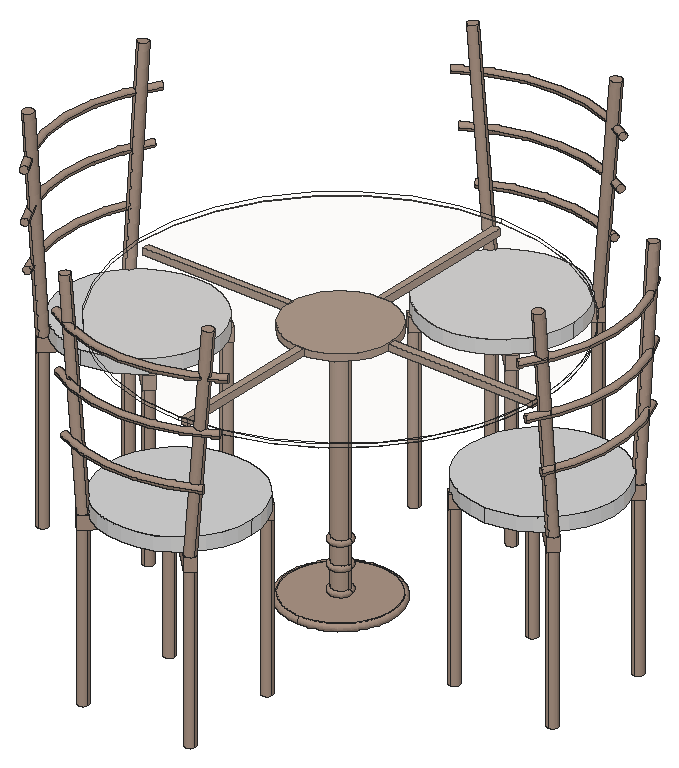
Revit family
Reference planes
  plane 1 "Center (Front/Back)": y = 0
  plane 2: z = 0
  plane 3 "Center (Left/Right)": x = 0
Lines and regions (mm)
  Masking region 1
    outline origin (0, 0, 0) x (1, 0, 0) y (0, 1, 0)
      loop
        circle (0, 0) r 600
  Masking region 2
    outline origin (0, 0, 0) x (1, 0, 0) y (0, 1, 0)
      loop
        arc (211.519, -561.48) -> (109.778, -589.872) -> (4.635, -599.982) r 600
        arc (4.635, -599.982) -> (-105.218, -590.702) -> (-211.519, -561.48) r 600
        arc (-211.519, -561.48) -> (-189.614, -701.358) -> (-85.482, -797.286) r 215
        arc (-85.482, -797.286) -> (-173.204, -770.577) -> (-253.423, -726.151) r 437.043
        line (-253.423, -726.151) -> (-264.894, -742.534)
        arc (-264.894, -742.534) -> (-2.745, -825.189) -> (259.404, -742.534) r 457.043
        line (259.404, -742.534) -> (247.933, -726.151)
        arc (247.933, -726.151) -> (172.466, -768.531) -> (90.128, -795.207) r 437.043
        arc (90.128, -795.207) -> (190.801, -699.106) -> (211.519, -561.48) r 215
      loop
        arc (211.519, 561.48) -> (190.801, 699.106) -> (90.128, 795.207) r 215
        arc (90.128, 795.207) -> (172.466, 768.531) -> (247.933, 726.151) r 437.043
        line (247.933, 726.151) -> (259.404, 742.534)
        arc (259.404, 742.534) -> (-2.745, 825.189) -> (-264.894, 742.534) r 457.043
        line (-264.894, 742.534) -> (-253.423, 726.151)
        arc (-253.423, 726.151) -> (-173.204, 770.577) -> (-85.482, 797.286) r 437.043
        arc (-85.482, 797.286) -> (-189.614, 701.358) -> (-211.519, 561.48) r 215
        arc (-211.519, 561.48) -> (-105.218, 590.702) -> (4.635, 599.982) r 600
        arc (4.635, 599.982) -> (109.778, 589.872) -> (211.519, 561.48) r 600
      loop
        arc (561.48, 211.519) -> (589.872, 109.778) -> (599.982, 4.635) r 600
        arc (599.982, 4.635) -> (590.702, -105.218) -> (561.48, -211.519) r 600
        arc (561.48, -211.519) -> (701.358, -189.614) -> (797.286, -85.482) r 215
        arc (797.286, -85.482) -> (770.577, -173.204) -> (726.151, -253.423) r 437.043
        line (726.151, -253.423) -> (742.534, -264.894)
        arc (742.534, -264.894) -> (825.189, -2.745) -> (742.534, 259.404) r 457.043
        line (742.534, 259.404) -> (726.151, 247.933)
        arc (726.151, 247.933) -> (768.531, 172.466) -> (795.207, 90.128) r 437.043
        arc (795.207, 90.128) -> (699.106, 190.801) -> (561.48, 211.519) r 215
      loop
        arc (-561.48, 211.519) -> (-699.106, 190.801) -> (-795.207, 90.128) r 215
        arc (-795.207, 90.128) -> (-768.531, 172.466) -> (-726.151, 247.933) r 437.043
        line (-726.151, 247.933) -> (-742.534, 259.404)
        arc (-742.534, 259.404) -> (-825.189, -2.745) -> (-742.534, -264.894) r 457.043
        line (-742.534, -264.894) -> (-726.151, -253.423)
        arc (-726.151, -253.423) -> (-770.577, -173.204) -> (-797.286, -85.482) r 437.043
        arc (-797.286, -85.482) -> (-701.358, -189.614) -> (-561.48, -211.519) r 215
        arc (-561.48, -211.519) -> (-590.702, -105.218) -> (-599.982, 4.635) r 600
        arc (-599.982, 4.635) -> (-589.872, 109.778) -> (-561.48, 211.519) r 600
  symbolic lines
    curve 1: arc (0, 600, 0) -> (-600, 0, 0) -> (0, -600, 0) r 600
    curve 2: arc (0, -600, 0) -> (600, 0, 0) -> (0, 600, 0) r 600
    curve 3: arc (0, 150, 0) -> (-150, 0, 0) -> (0, -150, 0) r 150
    curve 4: arc (0, -150, 0) -> (150, 0, 0) -> (0, 150, 0) r 150
    curve 5: arc (-24.87, 0, 0) -> (0, -24.87, 0) -> (24.87, 0, 0) r 24.87
    curve 6: arc (24.87, 0, 0) -> (0, 24.87, 0) -> (-24.87, 0, 0) r 24.87
    curve 7: arc (211.519, 561.48, 0) -> (192.431, 695.903, 0) -> (96.603, 792.085, 0) r 215
    curve 8: arc (-264.894, 742.534, 0) -> (-2.745, 825.189, 0) -> (259.404, 742.534, 0) r 457.043
    curve 9: arc (247.933, 726.151, 0) -> (-2.745, 805.189, 0) -> (-253.423, 726.151, 0) r 437.043
    curve 10: line (259.404, 742.534, 0) -> (247.933, 726.151, 0)
    curve 11: line (-264.894, 742.534, 0) -> (-253.423, 726.151, 0)
    curve 12: arc (-93.78, 793.479, 0) -> (-191.723, 697.31, 0) -> (-211.519, 561.48, 0) r 215
    curve 13: arc (211.519, -561.48, 0) -> (192.431, -695.903, 0) -> (96.603, -792.085, 0) r 215
    curve 14: arc (-264.894, -742.534, 0) -> (-2.745, -825.189, 0) -> (259.404, -742.534, 0) r 457.043
    curve 15: arc (247.933, -726.151, 0) -> (-2.745, -805.189, 0) -> (-253.423, -726.151, 0) r 437.043
    curve 16: line (259.404, -742.534, 0) -> (247.933, -726.151, 0)
    curve 17: line (-264.894, -742.534, 0) -> (-253.423, -726.151, 0)
    curve 18: arc (-93.78, -793.479, 0) -> (-191.723, -697.31, 0) -> (-211.519, -561.48, 0) r 215
    curve 19: arc (-560.438, 214.264, 0) -> (-694.861, 195.176, 0) -> (-791.044, 99.348, 0) r 215
    curve 20: arc (-741.492, -262.149, 0) -> (-824.147, 0, 0) -> (-741.492, 262.149, 0) r 457.043
    curve 21: arc (-725.109, 250.678, 0) -> (-804.147, 0, 0) -> (-725.109, -250.678, 0) r 437.043
    curve 22: line (-741.492, 262.149, 0) -> (-725.109, 250.678, 0)
    curve 23: line (-741.492, -262.149, 0) -> (-725.109, -250.678, 0)
    curve 24: arc (-792.438, -91.035, 0) -> (-696.268, -188.978, 0) -> (-560.438, -208.774, 0) r 215
    curve 25: arc (560.438, 214.264, 0) -> (694.861, 195.176, 0) -> (791.044, 99.348, 0) r 215
    curve 26: arc (741.492, -262.149, 0) -> (824.147, 0, 0) -> (741.492, 262.149, 0) r 457.043
    curve 27: arc (725.109, 250.678, 0) -> (804.147, 0, 0) -> (725.109, -250.678, 0) r 437.043
    curve 28: line (741.492, 262.149, 0) -> (725.109, 250.678, 0)
    curve 29: line (741.492, -262.149, 0) -> (725.109, -250.678, 0)
    curve 30: arc (792.438, -91.035, 0) -> (696.268, -188.978, 0) -> (560.438, -208.774, 0) r 215
    curve 31: arc (0, -150, 0) -> (150, 0, 0) -> (0, 150, 0) r 150
    curve 32: arc (0, 150, 0) -> (-150, 0, 0) -> (0, -150, 0) r 150
Dimensions and locks
  aligned and locked: nested 1 to nested 4
  aligned and locked: plane 3 "Center (Left/Right)" to nested 2
  aligned and locked: nested 1 to nested 2
  aligned and locked: plane 1 "Center (Front/Back)" to nested 5
  aligned and locked: nested 1 to nested 5
  aligned and locked: nested 3 to plane 3 "Center (Left/Right)"
  aligned and locked: nested 1 to nested 3
  aligned and locked: curve 1 to nested 1
  aligned and locked: curve 2 to nested 1
  aligned and locked: curve 3 to nested 1
  aligned and locked: curve 4 to nested 1
  aligned and locked: curve 5 to nested 1
  aligned and locked: curve 6 to nested 1
  aligned and locked: curve 7 to nested 2
  aligned and locked: curve 8 to nested 2
  aligned and locked: curve 9 to nested 2
  aligned and locked: curve 10 to nested 2
  aligned and locked: curve 11 to nested 2
  aligned and locked: curve 13 to nested 3
  aligned and locked: curve 14 to nested 3
  aligned and locked: curve 15 to nested 3
  aligned and locked: Masking region 1 sketch curve to nested 1  (x2)
  aligned and locked: Masking region 2 sketch curve to nested 3  (x5)
  aligned and locked: Masking region 2 sketch curve to nested 1  (x2)
  aligned and locked: curve 31 to nested 1
  aligned and locked: curve 32 to nested 1
Nested families
  nested 1: "M_Furn - Dining Table - Circular" at (0, 0, 0), type "1000 mm dia"
    with Diameter-Glass 1200 mm
  nested 2: "M_Furn - Chair 1" at (0, 600, 0), type "430 mm dia"
  nested 3: "M_Furn - Chair 1" at (0, -600, 0), type "430 mm dia"
  nested 4: "M_Furn - Chair 1" at (-600, 0, 0) x (0, 1, 0) z (0, 0, 1), type "430 mm dia"
  nested 5: "M_Furn - Chair 1" at (600, 0, 0) x (0, 1, 0) z (0, 0, 1), type "430 mm dia"
Definition of nested family "M_Furn - Dining Table - Circular"
  Parameters (values of type "1000 mm dia")
    Top Material = Glass - Top
    Base Material = Wood
    Height = 750 mm
    Diameter-Base = 300 mm
    Diameter-Glass = 1000 mm
  Reference planes
    plane 1 "Center (Front/Back)": y = 0
    plane 2: z = 0
    plane 3 "Center (Left/Right)": x = 0
    plane 4: x = -500
    plane 5: x = 500
    plane 6: y = 500
    plane 7: y = -500
    plane 8: z = 750
    plane 9: y = 150
    plane 10: y = -150
    plane 11: x = -150
    plane 12: x = 150
  Forms (mm)
    Extrusion 1, solid, material "Glass - Top" <- "Top Material"
      sketch origin (0, 0, 750) x (0, 1, 0) y (-1, 0, 0)
        loop
          circle (0, 0) r 500
      from 0 to -12
    Extrusion 2, solid, material "Wood" <- "Base Material"
      sketch origin (0, 0, 750) x (0, 1, 0) y (-1, 0, 0)
        loop
          circle (0, 0) r 150
      from -12 to -32
    Extrusion 3, solid, material "Wood" <- "Base Material"
      sketch origin (0, 0, 0) x (1, 0, 0) y (0, 1, 0)
        loop
          circle (0, 0) r 150
      from 0 to 20
    Extrusion 4, solid, material "Wood" <- "Base Material"
      sketch origin (0, 0, 0) x (1, 0, 0) y (0, 1, 0)
        loop
          circle (0, 0) r 24.87
      from 20 to 718
    Sweep 5, solid, material "Wood" <- "Base Material"
      path in 3D
        loop
          arc (0, 150, 20) -> (150, 0, 20) -> (0, -150, 20) r 150
          arc (0, -150, 20) -> (-150, 0, 20) -> (0, 150, 20) r 150
      profile origin (0, 0, 0) x (-1, 0, 0) y (0, 0, 1)
        loop
          line (150, 20) -> (150, 0)
          arc (150, 0) -> (160, 10) -> (150, 20) r 10
    Sweep 6, solid, material "Wood" <- "Base Material"
      path in 3D
        loop
          arc (24.87, 0, 718) -> (0, -24.87, 718) -> (-24.87, 0, 718) r 24.87
          arc (-24.87, 0, 718) -> (0, 24.87, 718) -> (24.87, 0, 718) r 24.87
      profile origin (0, 0, 0) x (0, 1, 0) y (0, 0, 1)
        loop
          line (24.87, 718) -> (24.87, 702.551)
          arc (24.87, 702.551) -> (32.594, 710.275) -> (24.87, 718) r 7.725
    Sweep 7, solid, material "Wood" <- "Base Material"
      path in 3D
        loop
          arc (24.87, 0, 718) -> (0, -24.87, 718) -> (-24.87, 0, 718) r 24.87
          arc (-24.87, 0, 718) -> (0, 24.87, 718) -> (24.87, 0, 718) r 24.87
      profile origin (0, 0, 0) x (0, 1, 0) y (0, 0, 1)
        loop
          arc (24.87, 20) -> (32.582, 27.713) -> (24.87, 35.425) r 7.713
          line (24.87, 35.425) -> (24.87, 20)
    Sweep 8, solid, material "Wood" <- "Base Material"
      path in 3D
        loop
          arc (-24.87, 0, 305.149) -> (0, 24.87, 305.149) -> (24.87, 0, 305.149) r 24.87
          arc (24.87, 0, 305.149) -> (0, -24.87, 305.149) -> (-24.87, 0, 305.149) r 24.87
      profile origin (0, 0, 0) x (0, -1, 0) y (0, 0, 1)
        loop
          line (24.859, 169.99) -> (24.859, 155)
          arc (24.859, 155) -> (32.354, 162.495) -> (24.859, 169.99) r 7.495
    Sweep 9, solid, material "Wood" <- "Base Material"
      path in 3D
        loop
          arc (-24.87, 0, 237.866) -> (0, 24.87, 237.866) -> (24.87, 0, 237.866) r 24.87
          arc (24.87, 0, 237.866) -> (0, -24.87, 237.866) -> (-24.87, 0, 237.866) r 24.87
      profile origin (0, 0, 0) x (0, -1, 0) y (0, 0, 1)
        loop
          line (24.859, 102.707) -> (24.859, 87.718)
          arc (24.859, 87.718) -> (32.354, 95.213) -> (24.859, 102.707) r 7.495
    Extrusion 10, solid, material "Wood" <- "Base Material"
      sketch origin (0, 0, 750) x (0, 1, 0) y (-1, 0, 0)
        loop
          line (478.939, 10) -> (149.687, 10)
          arc (149.687, 10) -> (150.014, 0) -> (149.687, -10) r 153.253
          line (149.687, -10) -> (478.939, -10)
          arc (478.939, -10) -> (480, 0) -> (478.939, 10) r 47.662
      from -12 to -32
    Extrusion 11, solid, material "Wood" <- "Base Material"
      sketch origin (0, 0, 750) x (0, -1, 0) y (1, 0, 0)
        loop
          arc (478.939, -10) -> (480, 0) -> (478.939, 10) r 47.662
          line (478.939, 10) -> (149.687, 10)
          arc (149.687, 10) -> (150.014, 0) -> (149.687, -10) r 153.253
          line (149.687, -10) -> (478.939, -10)
      from -12 to -32
    Extrusion 12, solid, material "Wood" <- "Base Material"
      sketch origin (0, 0, 750) x (0, 1, 0) y (-1, 0, 0)
        loop
          line (10, -479.456) -> (10, -148.524)
          arc (10, -148.524) -> (0, -148.943) -> (-10, -148.524) r 119.448
          line (-10, -148.524) -> (-10, -479.456)
          arc (-10, -479.456) -> (0, -480.308) -> (10, -479.456) r 59.12
      from -12 to -32
    Extrusion 13, solid, material "Wood" <- "Base Material"
      sketch origin (0, 0, 750) x (0, 1, 0) y (-1, 0, 0)
        loop
          arc (10, 479.456) -> (0, 480.308) -> (-10, 479.456) r 59.12
          line (-10, 479.456) -> (-10, 149.703)
          arc (-10, 149.703) -> (0, 150.123) -> (10, 149.703) r 119.448
          line (10, 149.703) -> (10, 479.456)
      from -12 to -32
  Lines and regions (mm)
    sketch lines
      curve 1: arc (0, -150, 20) -> (-150, 0, 20) -> (0, 150, 20) r 150
      curve 2: arc (0, 150, 20) -> (150, 0, 20) -> (0, -150, 20) r 150
      curve 3: arc (-24.87, 0, 718) -> (0, 24.87, 718) -> (24.87, 0, 718) r 24.87
      curve 4: arc (24.87, 0, 718) -> (0, -24.87, 718) -> (-24.87, 0, 718) r 24.87
      curve 5: arc (-24.87, 0, 718) -> (0, 24.87, 718) -> (24.87, 0, 718) r 24.87
      curve 6: arc (24.87, 0, 718) -> (0, -24.87, 718) -> (-24.87, 0, 718) r 24.87
      curve 7: arc (24.87, 0, 305.149) -> (0, -24.87, 305.149) -> (-24.87, 0, 305.149) r 24.87
      curve 8: arc (-24.87, 0, 305.149) -> (0, 24.87, 305.149) -> (24.87, 0, 305.149) r 24.87
      curve 9: arc (24.87, 0, 237.866) -> (0, -24.87, 237.866) -> (-24.87, 0, 237.866) r 24.87
      curve 10: arc (-24.87, 0, 237.866) -> (0, 24.87, 237.866) -> (24.87, 0, 237.866) r 24.87
    symbolic lines
      curve 11: arc (0, 500, 0) -> (-500, 0, 0) -> (0, -500, 0) r 500
      curve 12: arc (0, 500, 0) -> (-500, 0, 0) -> (0, -500, 0) r 500
      curve 13: arc (0, -500, 0) -> (500, 0, 0) -> (0, 500, 0) r 500
      curve 14: arc (0, 150, 0) -> (-150, 0, 0) -> (0, -150, 0) r 150
      curve 15: arc (0, -150, 0) -> (150, 0, 0) -> (0, 150, 0) r 150
  Dimensions and locks
    equal spacing: plane 4, plane 3 "Center (Left/Right)", plane 5
    "Diameter-Glass": plane 4 to plane 5
    equal spacing: plane 7, plane 1 "Center (Front/Back)", plane 6
    "Diameter-Glass": plane 7 to plane 6
    equal spacing: plane 9, plane 1 "Center (Front/Back)", plane 10
    "Diameter-Base": plane 9 to plane 10
    equal spacing: plane 11, plane 3 "Center (Left/Right)", plane 12
    "Diameter-Base": plane 11 to plane 12
    "Height": plane 8 to level
    aligned and locked: Extrusion 1 sketch curve to plane 6
    aligned and locked: Extrusion 1 sketch curve to plane 7
    aligned and locked: plane 3 "Center (Left/Right)" to Extrusion 2 sketch curve
    aligned and locked: Extrusion 2 sketch curve to plane 10
    aligned and locked: Extrusion 3 sketch curve to Extrusion 2
    aligned and locked: Extrusion 2 to Extrusion 1
    aligned and locked: Extrusion 4 to Extrusion 2
    aligned and locked: Extrusion 4 to Extrusion 3
    aligned and locked: Extrusion 3 to level
    aligned and locked: profile plane to Sweep 5 sketch curve
    aligned and locked: Extrusion 2 to Sweep 6 sketch curve
    aligned and locked: profile plane to Sweep 6 sketch curve
    aligned and locked: Sweep 7 sketch curve to Extrusion 4
    aligned and locked: Extrusion 10 sketch curve to Extrusion 10 sketch curve
    aligned and locked: Extrusion 11 sketch curve to Extrusion 11 sketch curve
    aligned and locked: Extrusion 13 to Extrusion 1
    aligned and locked: Extrusion 12 to Extrusion 1
    aligned and locked: Extrusion 12 to Extrusion 2
    aligned and locked: Extrusion 2 to Extrusion 13
    aligned and locked: Extrusion 10 to Extrusion 2
    aligned and locked: Extrusion 10 to Extrusion 1
    aligned and locked: Extrusion 2 to Extrusion 11
    aligned and locked: Extrusion 11 to Extrusion 1
    aligned and locked: curve 11 to Extrusion 1
  Automatic sketch dimensions
    Extrusion 1 sketch curve to plane 3 "Center (Left/Right)" = 0 mm
    Extrusion 2 sketch curve to plane 1 "Center (Front/Back)" = 0 mm
    Extrusion 4 sketch curve to plane 1 "Center (Front/Back)" = 0 mm
    Extrusion 4 sketch curve to plane 3 "Center (Left/Right)" = 0 mm
    Sweep 5 sketch curve to Sweep 5 sketch curve = 10 mm
    Sweep 6 sketch curve to Sweep 6 sketch curve = 7.725 mm
    Sweep 7 sketch curve to profile plane = 0 mm
    Sweep 7 sketch curve to Sweep 7 sketch curve = 7.713 mm
    profile plane to Sweep 8 sketch curve = 0.01 mm
    Sweep 8 sketch curve to Sweep 8 sketch curve = 7.495 mm
    profile plane to Sweep 9 sketch curve = 0.01 mm
    Sweep 9 sketch curve to Sweep 9 sketch curve = 7.495 mm
    Extrusion 10 sketch curve to plane 3 "Center (Left/Right)" = 0 mm
    plane 1 "Center (Front/Back)" to Extrusion 10 sketch curve = 3.239 mm
    Extrusion 10 sketch curve to plane 9 = 0.313 mm
    plane 6 to Extrusion 10 sketch curve = 21.061 mm
    plane 3 "Center (Left/Right)" to Extrusion 10 sketch curve = 10 mm
    Extrusion 10 sketch curve to Extrusion 10 sketch curve = 0 mm
    Extrusion 10 sketch curve to Extrusion 10 sketch curve = 46.602 mm
    Extrusion 11 sketch curve to plane 3 "Center (Left/Right)" = 0 mm  (x2)
    Extrusion 11 sketch curve to plane 1 "Center (Front/Back)" = 3.239 mm
    plane 10 to Extrusion 11 sketch curve = 0.313 mm
    Extrusion 11 sketch curve to plane 7 = 67.662 mm
    Extrusion 11 sketch curve to plane 3 "Center (Left/Right)" = 10 mm
    Extrusion 11 sketch curve to plane 7 = 21.061 mm
    Extrusion 12 sketch curve to plane 1 "Center (Front/Back)" = 0 mm  (x2)
    Extrusion 12 sketch curve to plane 12 = 1.476 mm
    plane 1 "Center (Front/Back)" to Extrusion 12 sketch curve = 10 mm
    Extrusion 12 sketch curve to plane 1 "Center (Front/Back)" = 10 mm
    Extrusion 12 sketch curve to plane 5 = 78.811 mm
    Extrusion 12 sketch curve to plane 5 = 20.544 mm
    plane 3 "Center (Left/Right)" to Extrusion 12 sketch curve = 29.495 mm
    Extrusion 13 sketch curve to plane 1 "Center (Front/Back)" = 0 mm  (x2)
    plane 11 to Extrusion 13 sketch curve = 0.297 mm
    plane 1 "Center (Front/Back)" to Extrusion 13 sketch curve = 10 mm
    Extrusion 13 sketch curve to plane 1 "Center (Front/Back)" = 10 mm
    Extrusion 13 sketch curve to plane 3 "Center (Left/Right)" = 30.675 mm
    plane 4 to Extrusion 13 sketch curve = 78.811 mm
    plane 4 to Extrusion 13 sketch curve = 20.544 mm
    curve 14 to plane 3 "Center (Left/Right)" = 0 mm
    curve 15 to plane 1 "Center (Front/Back)" = 0 mm
    curve 15 to plane 10 = 0 mm
    curve 12 to plane 1 "Center (Front/Back)" = 0 mm
    curve 12 to plane 3 "Center (Left/Right)" = 0 mm
    curve 12 to plane 7 = 0 mm
    radius of Extrusion 4 sketch curve = 24.87 mm
Definition of nested family "M_Furn - Chair 1"
  Parameters (values of type "430 mm dia")
    Chair Material = Teak
    Upholstry Material = Cushion
  Reference planes
    plane 1 "Center (Front/Back)": y = 0
    plane 2: z = 0
    plane 3 "Center (Left/Right)": x = 0
    plane 4: y = 158.862
  Forms (mm)
    Extrusion 1, solid, material "Cushion" <- "Upholstry Material"
      sketch origin (0, 0.01, 0) x (1, 0, 0) y (0, 1, 0)
        loop
          circle (0, 0) r 215
      from 509.714 to 549.714
    Extrusion 2, solid, material "Teak" <- "Chair Material"
      sketch origin (0, 0.01, 0) x (1, 0, 0) y (0, 1, 0)
        loop
          line (-166.17, -144.957) -> (-144.957, -166.17) -> (0, -21.213) -> (144.957, -166.17) -> (166.17, -144.957) -> (21.213, 0) -> (180.312, 159.099) -> (159.099, 180.312) -> (0, 21.213) -> (-159.099, 180.312) -> (-180.312, 159.099) -> (-21.213, 0) -> (-166.17, -144.957)
      from 509.714 to 469.714
    Extrusion 3, solid, material "Teak" <- "Chair Material"
      sketch origin (0, 0.01, 0) x (1, 0, 0) y (0, 1, 0)
        loop
          circle (-159.293, 158.906) r 15
        loop
          circle (-145.152, -144.765) r 15
        loop
          circle (145.152, -144.765) r 15
        loop
          circle (159.293, 158.906) r 15
      from 0 to 469.714
    Sweep 4, solid, material "Teak" <- "Chair Material"
      path origin (0, -41.153, 0) x (1, 0, 0) y (0, 1, 0)
        loop
          arc (-232.176, 136.96) -> (-2.745, 209.3) -> (226.686, 136.96) r 400
      profile origin (-2.745, 0, 0) x (0, 1, 0) y (0, 0, 1)
        loop
          circle (215.189, 1000) r 10
    Sweep 5, solid, material "Teak" <- "Chair Material"
      path origin (0, -41.153, -150) x (1, 0, 0) y (0, 1, 0)
        loop
          arc (-217.665, 146.656) -> (-2.745, 209.3) -> (212.175, 146.656) r 400
      profile origin (-2.745, 0, 0) x (0, 1, 0) y (0, 0, 1)
        loop
          circle (215.189, 850) r 10
    Sweep 6, solid, material "Teak" <- "Chair Material"
      path origin (0, -41.153, -300) x (1, 0, 0) y (0, 1, 0)
        loop
          arc (-187.444, 164.104) -> (-2.745, 209.3) -> (181.955, 164.104) r 400
      profile origin (-2.745, 0, 0) x (0, 1, 0) y (0, 0, 1)
        loop
          circle (215.189, 700) r 10
    Sweep 7, solid, material "Teak" <- "Chair Material"
      path origin (49.733, 158.862, 1.048) x (1, 0, 0) y (0, 0, 1)
        loop
          line (109.745, 508.667) -> (163.781, 1126.307)
      profile origin (72.485, 0, 828.509) x (-0.996195, 0, 0.087156) y (0, -1, 0)
        loop
          circle (-114.447, -158.862) r 15
    Sweep 8, solid, material "Teak" <- "Chair Material"
      path origin (-49.733, 158.862, 1.048) x (-1, 0, 0) y (0, 0, -1)
        loop
          line (109.745, -508.667) -> (163.781, -1126.307)
      profile origin (-72.485, 0, 828.509) x (0.996195, 0, 0.087156) y (0, 1, 0)
        loop
          circle (-114.447, 158.862) r 15
  Lines and regions (mm)
    symbolic lines
      curve 1: arc (-264.894, 142.534, 0) -> (-2.745, 225.189, 0) -> (259.404, 142.534, 0) r 457.043
      curve 2: arc (247.933, 126.151, 0) -> (-2.745, 205.189, 0) -> (-253.423, 126.151, 0) r 437.043
      curve 3: line (-264.894, 142.534, 0) -> (-253.423, 126.151, 0)
      curve 4: line (259.404, 142.534, 0) -> (247.933, 126.151, 0)
      curve 5: arc (215, 0.01, 0) -> (0, 215.01, 0) -> (-215, 0.01, 0) r 215
      curve 6: arc (-215, 0.01, 0) -> (0, -214.99, 0) -> (215, 0.01, 0) r 215
  Dimensions and locks
    radius of Extrusion 1 = 215 mm
    aligned and locked: Extrusion 2 sketch curve to Extrusion 2 sketch curve  (x2)
    aligned and locked: Extrusion 3 to Extrusion 2
    aligned and locked: Extrusion 1 to Extrusion 2
